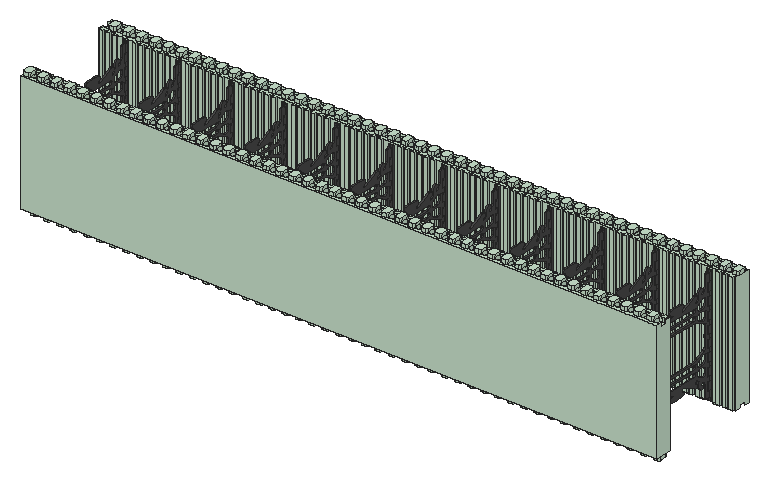
Revit family (continued)
Definition of nested family "12-inch Insert Web"
  Forms (mm)
    Extrusion 2, solid, material "High Density Polystyrene"
      sketch origin (0, 0, 0) x (0, 1, 0) y (0, 0, 1)
        loop
          arc (109.22, 129.762) -> (100.24, 126.042) -> (96.52, 117.062) r 12.7
          line (96.52, 117.062) -> (96.52, 113.82)
          arc (96.52, 113.82) -> (98.504, 107.004) -> (103.837, 102.318) r 12.7
        loop
          line (139.7, 150.209) -> (139.7, 163.588)
          arc (139.7, 163.588) -> (135.287, 171.625) -> (126.138, 172.215) r 9.525
          line (126.138, 172.215) -> (103.837, 161.778)
          arc (103.837, 161.778) -> (98.504, 157.092) -> (96.52, 150.275) r 12.7
          line (96.52, 150.275) -> (96.52, 147.034)
          arc (96.52, 147.034) -> (100.24, 138.054) -> (109.22, 134.334) r 12.7
          line (109.22, 134.334) -> (123.825, 134.334)
          arc (123.825, 134.334) -> (135.05, 138.984) -> (139.7, 150.209) r 15.875
        loop
          arc (83.851, 155.504) -> (80.337, 155.178) -> (76.81, 155.069) r 57.15
          line (76.81, 155.069) -> (0, 155.069) -> (-76.81, 155.069)
          arc (-76.81, 155.069) -> (-80.337, 155.178) -> (-83.851, 155.504) r 57.15
          arc (-83.851, 155.504) -> (-88.429, 151.979) -> (-91.44, 147.048) r 15.855
          line (-91.44, 147.048) -> (-91.44, 143.849)
          arc (-91.44, 143.849) -> (-87.752, 138.012) -> (-81.915, 134.324) r 15.684
          line (-81.915, 134.324) -> (0, 134.324) -> (81.915, 134.324)
          arc (81.915, 134.324) -> (87.752, 138.012) -> (91.44, 143.849) r 15.684
          line (91.44, 143.849) -> (91.44, 147.048)
          arc (91.44, 147.048) -> (88.429, 151.979) -> (83.851, 155.504) r 15.855
        loop
          arc (-103.837, 102.318) -> (-98.504, 107.004) -> (-96.52, 113.82) r 12.7
          line (-96.52, 113.82) -> (-96.52, 117.062)
          arc (-96.52, 117.062) -> (-100.24, 126.042) -> (-109.22, 129.762) r 12.7
          line (-109.22, 129.762) -> (-123.825, 129.762)
          arc (-123.825, 129.762) -> (-135.05, 125.112) -> (-139.7, 113.887) r 15.875
          line (-139.7, 113.887) -> (-139.7, 100.508)
          arc (-139.7, 100.508) -> (-135.287, 92.471) -> (-126.138, 91.881) r 9.525
          line (-126.138, 91.881) -> (-103.837, 102.318)
        loop
          arc (-139.7, 150.209) -> (-135.05, 138.984) -> (-123.825, 134.334) r 15.875
          line (-123.825, 134.334) -> (-109.22, 134.334)
          arc (-109.22, 134.334) -> (-100.24, 138.054) -> (-96.52, 147.034) r 12.7
          line (-96.52, 147.034) -> (-96.52, 150.275)
          arc (-96.52, 150.275) -> (-98.504, 157.092) -> (-103.837, 161.778) r 12.7
          line (-103.837, 161.778) -> (-126.138, 172.215)
          arc (-126.138, 172.215) -> (-135.287, 171.625) -> (-139.7, 163.588) r 9.525
          line (-139.7, 163.588) -> (-139.7, 150.209)
        loop
          line (139.7, 191.688) -> (139.7, 220.666) -> (136.652, 225.746) -> (136.652, 228.6) -> (136.652, 231.454) -> (139.7, 236.534) -> (139.7, 265.512)
          arc (139.7, 265.512) -> (137.716, 272.328) -> (132.383, 277.014) r 12.7
          line (132.383, 277.014) -> (100.425, 291.971)
          arc (100.425, 291.971) -> (88.608, 295.996) -> (76.2, 297.359) r 57.15
          line (76.2, 297.359) -> (0, 297.359) -> (-76.2, 297.359)
          arc (-76.2, 297.359) -> (-88.608, 295.996) -> (-100.425, 291.971) r 57.15
          line (-100.425, 291.971) -> (-132.383, 277.014)
          arc (-132.383, 277.014) -> (-137.716, 272.328) -> (-139.7, 265.512) r 12.7
          line (-139.7, 265.512) -> (-139.7, 236.534) -> (-136.652, 231.454) -> (-136.652, 228.6) -> (-136.652, 225.746) -> (-139.7, 220.666) -> (-139.7, 191.688)
          arc (-139.7, 191.688) -> (-137.716, 184.872) -> (-132.383, 180.186) r 12.7
          line (-132.383, 180.186) -> (-100.425, 165.229)
          arc (-100.425, 165.229) -> (-88.608, 161.204) -> (-76.2, 159.841) r 57.15
          line (-76.2, 159.841) -> (0, 159.841) -> (76.2, 159.841)
          arc (76.2, 159.841) -> (88.608, 161.204) -> (100.425, 165.229) r 57.15
          line (100.425, 165.229) -> (132.383, 180.186)
          arc (132.383, 180.186) -> (137.716, 184.872) -> (139.7, 191.688) r 12.7
        loop
          line (76.789, 348.183) -> (0, 348.183) -> (-76.789, 348.183)
          arc (-76.789, 348.183) -> (-80.328, 348.292) -> (-83.853, 348.621) r 57.15
          arc (-83.853, 348.621) -> (-88.43, 345.096) -> (-91.44, 340.166) r 15.855
          line (-91.44, 340.166) -> (-91.44, 336.966)
          arc (-91.44, 336.966) -> (-87.76, 331.136) -> (-81.935, 327.448) r 15.684
          line (-81.935, 327.448) -> (0, 327.448) -> (81.935, 327.448)
          arc (81.935, 327.448) -> (87.76, 331.136) -> (91.44, 336.966) r 15.684
          line (91.44, 336.966) -> (91.44, 340.166)
          arc (91.44, 340.166) -> (88.43, 345.096) -> (83.853, 348.621) r 15.855
          arc (83.853, 348.621) -> (80.328, 348.292) -> (76.789, 348.183) r 57.15
        loop
          arc (103.837, 354.882) -> (98.504, 350.196) -> (96.52, 343.38) r 12.7
          line (96.52, 343.38) -> (96.52, 340.138)
          arc (96.52, 340.138) -> (100.24, 331.158) -> (109.22, 327.438) r 12.7
          line (109.22, 327.438) -> (123.825, 327.438)
          arc (123.825, 327.438) -> (135.05, 332.088) -> (139.7, 343.313) r 15.875
          line (139.7, 343.313) -> (139.7, 356.692)
          arc (139.7, 356.692) -> (135.287, 364.729) -> (126.138, 365.319) r 9.525
          line (126.138, 365.319) -> (103.837, 354.882)
        loop
          arc (139.7, 306.991) -> (135.05, 318.216) -> (123.825, 322.866) r 15.875
          line (123.825, 322.866) -> (109.22, 322.866)
          arc (109.22, 322.866) -> (100.24, 319.146) -> (96.52, 310.166) r 12.7
          line (96.52, 310.166) -> (96.52, 306.925)
          arc (96.52, 306.925) -> (98.504, 300.108) -> (103.837, 295.422) r 12.7
          line (103.837, 295.422) -> (126.138, 284.985)
          arc (126.138, 284.985) -> (135.287, 285.575) -> (139.7, 293.612) r 9.525
          line (139.7, 293.612) -> (139.7, 306.991)
        loop
          arc (83.851, 301.696) -> (88.429, 305.221) -> (91.44, 310.152) r 15.855
          line (91.44, 310.152) -> (91.44, 313.351)
          arc (91.44, 313.351) -> (87.752, 319.188) -> (81.915, 322.876) r 15.684
          line (81.915, 322.876) -> (0, 322.876) -> (-81.915, 322.876)
          arc (-81.915, 322.876) -> (-87.752, 319.188) -> (-91.44, 313.351) r 15.684
          line (-91.44, 313.351) -> (-91.44, 310.152)
          arc (-91.44, 310.152) -> (-88.429, 305.221) -> (-83.851, 301.696) r 15.855
          arc (-83.851, 301.696) -> (-80.337, 302.022) -> (-76.81, 302.131) r 57.15
          line (-76.81, 302.131) -> (0, 302.131) -> (76.81, 302.131)
          arc (76.81, 302.131) -> (80.337, 302.022) -> (83.851, 301.696) r 57.15
        loop
          line (-103.837, 354.882) -> (-126.138, 365.319)
          arc (-126.138, 365.319) -> (-135.287, 364.729) -> (-139.7, 356.692) r 9.525
          line (-139.7, 356.692) -> (-139.7, 343.313)
          arc (-139.7, 343.313) -> (-135.05, 332.088) -> (-123.825, 327.438) r 15.875
          line (-123.825, 327.438) -> (-109.22, 327.438)
          arc (-109.22, 327.438) -> (-100.24, 331.158) -> (-96.52, 340.138) r 12.7
          line (-96.52, 340.138) -> (-96.52, 343.38)
          arc (-96.52, 343.38) -> (-98.504, 350.196) -> (-103.837, 354.882) r 12.7
        loop
          line (-139.7, 306.991) -> (-139.7, 293.612)
          arc (-139.7, 293.612) -> (-135.287, 285.575) -> (-126.138, 284.985) r 9.525
          line (-126.138, 284.985) -> (-103.837, 295.422)
          arc (-103.837, 295.422) -> (-98.504, 300.108) -> (-96.52, 306.925) r 12.7
          line (-96.52, 306.925) -> (-96.52, 310.166)
          arc (-96.52, 310.166) -> (-100.24, 319.146) -> (-109.22, 322.866) r 12.7
          line (-109.22, 322.866) -> (-123.825, 322.866)
          arc (-123.825, 322.866) -> (-135.05, 318.216) -> (-139.7, 306.991) r 15.875
      from 3.175 to -3.175
    Extrusion 3, solid, material "High Density Polystyrene"
      sketch origin (0, 0, 0) x (0, 1, 0) y (0, 0, 1)
        loop
          line (157.734, 410.919) -> (145.034, 410.919) -> (145.034, 380.439) -> (157.734, 380.439) -> (157.734, 410.919)
        loop
          line (157.734, 361.389) -> (145.034, 361.389) -> (145.034, 330.909) -> (157.734, 330.909) -> (157.734, 361.389)
        loop
          line (157.734, 311.859) -> (145.034, 311.859) -> (145.034, 281.379) -> (157.734, 281.379) -> (157.734, 311.859)
        loop
          line (157.734, 262.329) -> (145.034, 262.329) -> (145.034, 234.897) -> (157.734, 234.897) -> (157.734, 262.329)
        loop
          line (157.734, 215.847) -> (145.034, 215.847) -> (145.034, 188.415) -> (157.734, 188.415) -> (157.734, 215.847)
        loop
          line (157.734, 169.365) -> (145.034, 169.365) -> (145.034, 138.885) -> (157.734, 138.885) -> (157.734, 169.365)
        loop
          line (157.734, 119.835) -> (145.034, 119.835) -> (145.034, 89.355) -> (157.734, 89.355) -> (157.734, 119.835)
        loop
          line (157.734, 70.305) -> (145.034, 70.305) -> (145.034, 39.825) -> (157.734, 39.825) -> (157.734, 70.305)
        loop
          line (-157.734, 410.919) -> (-157.734, 380.439) -> (-145.034, 380.439) -> (-145.034, 410.919) -> (-157.734, 410.919)
        loop
          line (-157.734, 361.389) -> (-157.734, 330.909) -> (-145.034, 330.909) -> (-145.034, 361.389) -> (-157.734, 361.389)
        loop
          line (-157.734, 311.859) -> (-157.734, 281.379) -> (-145.034, 281.379) -> (-145.034, 311.859) -> (-157.734, 311.859)
        loop
          line (-157.734, 262.329) -> (-157.734, 234.897) -> (-145.034, 234.897) -> (-145.034, 262.329) -> (-157.734, 262.329)
        loop
          line (-157.734, 215.847) -> (-157.734, 188.415) -> (-145.034, 188.415) -> (-145.034, 215.847) -> (-157.734, 215.847)
        loop
          line (-157.734, 169.365) -> (-157.734, 138.885) -> (-145.034, 138.885) -> (-145.034, 169.365) -> (-157.734, 169.365)
        loop
          line (-157.734, 119.835) -> (-157.734, 89.355) -> (-145.034, 89.355) -> (-145.034, 119.835) -> (-157.734, 119.835)
        loop
          line (-157.734, 70.305) -> (-157.734, 39.825) -> (-145.034, 39.825) -> (-145.034, 70.305) -> (-157.734, 70.305)
      from 6.35 to -6.35
    Extrusion 4, void
      sketch origin (0, 76.2, 0) x (1, 0, 0) y (0, 1, 0)
        loop
          line (-6.35, 70.929) -> (-6.35, 68.834) -> (-4.255, 68.834)
          arc (-4.255, 68.834) -> (-5.736, 69.448) -> (-6.35, 70.929) r 2.095
      from 0 to 457.2
    Extrusion 5, void
      sketch origin (0, 76.2, 0) x (-1, 0, 0) y (0, -1, 0)
        loop
          arc (-6.35, -70.929) -> (-5.736, -69.448) -> (-4.255, -68.834) r 2.095
          line (-4.255, -68.834) -> (-6.35, -68.834) -> (-6.35, -70.929)
      from 0 to 457.2
    Extrusion 6, void
      sketch origin (0, -76.2, 0) x (1, 0, 0) y (0, 1, 0)
        loop
          arc (-6.35, -70.929) -> (-5.736, -69.448) -> (-4.255, -68.834) r 2.095
          line (-4.255, -68.834) -> (-6.35, -68.834) -> (-6.35, -70.929)
      from 0 to 457.2
    Extrusion 7, void
      sketch origin (0, -76.2, 0) x (-1, 0, 0) y (0, -1, 0)
        loop
          line (-6.35, 70.929) -> (-6.35, 68.834) -> (-4.255, 68.834)
          arc (-4.255, 68.834) -> (-5.736, 69.448) -> (-6.35, 70.929) r 2.095
      from 0 to 457.2
  Cuts and joins
    Extrusion 4, Extrusion 5, Extrusion 6, Extrusion 7 cuts Extrusion 1
    Extrusion 4, Extrusion 5, Extrusion 6, Extrusion 7 cuts Extrusion 3
Definition of nested family "NUDURA Diamond Pattern"
  Reference planes
    plane 1 "Center (Front/Back)": y = 0
    plane 2: z = 0
    plane 3 "Center (Left/Right)": x = 0
    plane 4: z = 457.2
  Lines and regions (mm)
    model lines
      curve 1: line (203.2, -142.875, 457.2) -> (203.2, -142.875, 0)
      curve 2: line (152.4, -142.875, 457.2) -> (152.4, -142.875, 0)
      curve 3: line (50.8, -142.875, 457.2) -> (50.8, -142.875, 0)
      curve 4: line (85.183, -142.875, 431.415) -> (93.906, -142.875, 422.692)
      curve 5: arc (85.183, -142.875, 444.885) -> (82.394, -142.875, 438.15) -> (85.183, -142.875, 431.415) r 9.525
      curve 6: line (94.708, -142.875, 454.41) -> (85.183, -142.875, 444.885)
      curve 7: arc (108.179, -142.875, 454.41) -> (101.444, -142.875, 457.2) -> (94.708, -142.875, 454.41) r 9.525
      curve 8: line (117.704, -142.875, 444.885) -> (108.179, -142.875, 454.41)
      curve 9: arc (117.704, -142.875, 431.415) -> (120.494, -142.875, 438.15) -> (117.704, -142.875, 444.885) r 9.525
      curve 10: line (108.981, -142.875, 422.692) -> (117.704, -142.875, 431.415)
      curve 11: arc (105.934, -142.875, 452.165) -> (101.444, -142.875, 454.025) -> (96.953, -142.875, 452.165) r 6.35
      curve 12: line (115.459, -142.875, 442.64) -> (105.934, -142.875, 452.165)
      curve 13: arc (115.459, -142.875, 433.66) -> (117.319, -142.875, 438.15) -> (115.459, -142.875, 442.64) r 6.35
      curve 14: line (105.934, -142.875, 424.135) -> (115.459, -142.875, 433.66)
      curve 15: arc (96.953, -142.875, 424.135) -> (101.444, -142.875, 422.275) -> (105.934, -142.875, 424.135) r 6.35
      curve 16: line (87.428, -142.875, 433.66) -> (96.953, -142.875, 424.135)
      curve 17: arc (87.428, -142.875, 442.64) -> (85.569, -142.875, 438.15) -> (87.428, -142.875, 433.66) r 6.35
      curve 18: line (96.953, -142.875, 452.165) -> (87.428, -142.875, 442.64)
      curve 19: arc (93.906, -142.875, 415.508) -> (95.394, -142.875, 419.1) -> (93.906, -142.875, 422.692) r 5.08
      curve 20: line (117.704, -142.875, 406.785) -> (108.981, -142.875, 415.508)
      curve 21: arc (117.704, -142.875, 393.315) -> (120.494, -142.875, 400.05) -> (117.704, -142.875, 406.785) r 9.525
      curve 22: line (108.981, -142.875, 384.592) -> (117.704, -142.875, 393.315)
      curve 23: line (85.183, -142.875, 393.315) -> (93.906, -142.875, 384.592)
      curve 24: arc (85.183, -142.875, 406.785) -> (82.394, -142.875, 400.05) -> (85.183, -142.875, 393.315) r 9.525
      curve 25: line (93.906, -142.875, 415.508) -> (85.183, -142.875, 406.785)
      curve 26: arc (105.934, -142.875, 414.065) -> (101.444, -142.875, 415.925) -> (96.953, -142.875, 414.065) r 6.35
      curve 27: line (96.953, -142.875, 414.065) -> (87.428, -142.875, 404.54)
      curve 28: arc (87.428, -142.875, 404.54) -> (85.569, -142.875, 400.05) -> (87.428, -142.875, 395.56) r 6.35
      curve 29: line (87.428, -142.875, 395.56) -> (96.953, -142.875, 386.035)
      curve 30: arc (96.953, -142.875, 386.035) -> (101.444, -142.875, 384.175) -> (105.934, -142.875, 386.035) r 6.35
      curve 31: line (105.934, -142.875, 386.035) -> (115.459, -142.875, 395.56)
      curve 32: arc (115.459, -142.875, 395.56) -> (117.319, -142.875, 400.05) -> (115.459, -142.875, 404.54) r 6.35
      curve 33: line (115.459, -142.875, 404.54) -> (105.934, -142.875, 414.065)
      curve 34: arc (93.906, -142.875, 377.408) -> (95.394, -142.875, 381) -> (93.906, -142.875, 384.592) r 5.08
      curve 35: line (117.704, -142.875, 368.685) -> (108.981, -142.875, 377.408)
      curve 36: arc (117.704, -142.875, 355.215) -> (120.494, -142.875, 361.95) -> (117.704, -142.875, 368.685) r 9.525
      curve 37: line (108.981, -142.875, 346.492) -> (117.704, -142.875, 355.215)
      curve 38: line (85.183, -142.875, 355.215) -> (93.906, -142.875, 346.492)
      curve 39: arc (85.183, -142.875, 368.685) -> (82.394, -142.875, 361.95) -> (85.183, -142.875, 355.215) r 9.525
      curve 40: line (93.906, -142.875, 377.408) -> (85.183, -142.875, 368.685)
      curve 41: arc (105.934, -142.875, 375.965) -> (101.444, -142.875, 377.825) -> (96.953, -142.875, 375.965) r 6.35
      curve 42: line (96.953, -142.875, 375.965) -> (87.428, -142.875, 366.44)
      curve 43: arc (87.428, -142.875, 366.44) -> (85.569, -142.875, 361.95) -> (87.428, -142.875, 357.46) r 6.35
      curve 44: line (87.428, -142.875, 357.46) -> (96.953, -142.875, 347.935)
      curve 45: arc (96.953, -142.875, 347.935) -> (101.444, -142.875, 346.075) -> (105.934, -142.875, 347.935) r 6.35
      curve 46: line (105.934, -142.875, 347.935) -> (115.459, -142.875, 357.46)
      curve 47: arc (115.459, -142.875, 357.46) -> (117.319, -142.875, 361.95) -> (115.459, -142.875, 366.44) r 6.35
      curve 48: line (115.459, -142.875, 366.44) -> (105.934, -142.875, 375.965)
      curve 49: arc (93.906, -142.875, 339.308) -> (95.394, -142.875, 342.9) -> (93.906, -142.875, 346.492) r 5.08
      curve 50: line (117.704, -142.875, 330.585) -> (108.981, -142.875, 339.308)
      curve 51: arc (117.704, -142.875, 317.115) -> (120.494, -142.875, 323.85) -> (117.704, -142.875, 330.585) r 9.525
      curve 52: line (108.981, -142.875, 308.392) -> (117.704, -142.875, 317.115)
      curve 53: line (85.183, -142.875, 317.115) -> (93.906, -142.875, 308.392)
      curve 54: arc (85.183, -142.875, 330.585) -> (82.394, -142.875, 323.85) -> (85.183, -142.875, 317.115) r 9.525
      curve 55: line (93.906, -142.875, 339.308) -> (85.183, -142.875, 330.585)
      curve 56: arc (105.934, -142.875, 337.865) -> (101.444, -142.875, 339.725) -> (96.953, -142.875, 337.865) r 6.35
      curve 57: line (96.953, -142.875, 337.865) -> (87.428, -142.875, 328.34)
      curve 58: arc (87.428, -142.875, 328.34) -> (85.569, -142.875, 323.85) -> (87.428, -142.875, 319.36) r 6.35
      curve 59: line (87.428, -142.875, 319.36) -> (96.953, -142.875, 309.835)
      curve 60: arc (96.953, -142.875, 309.835) -> (101.444, -142.875, 307.975) -> (105.934, -142.875, 309.835) r 6.35
      curve 61: line (105.934, -142.875, 309.835) -> (115.459, -142.875, 319.36)
      curve 62: arc (115.459, -142.875, 319.36) -> (117.319, -142.875, 323.85) -> (115.459, -142.875, 328.34) r 6.35
      curve 63: line (115.459, -142.875, 328.34) -> (105.934, -142.875, 337.865)
      curve 64: arc (93.906, -142.875, 301.208) -> (95.394, -142.875, 304.8) -> (93.906, -142.875, 308.392) r 5.08
      curve 65: line (117.704, -142.875, 292.485) -> (108.981, -142.875, 301.208)
      curve 66: arc (117.704, -142.875, 279.015) -> (120.494, -142.875, 285.75) -> (117.704, -142.875, 292.485) r 9.525
      curve 67: line (108.981, -142.875, 270.292) -> (117.704, -142.875, 279.015)
      curve 68: line (85.183, -142.875, 279.015) -> (93.906, -142.875, 270.292)
      curve 69: arc (85.183, -142.875, 292.485) -> (82.394, -142.875, 285.75) -> (85.183, -142.875, 279.015) r 9.525
      curve 70: line (93.906, -142.875, 301.208) -> (85.183, -142.875, 292.485)
      curve 71: arc (105.934, -142.875, 299.765) -> (101.444, -142.875, 301.625) -> (96.953, -142.875, 299.765) r 6.35
      curve 72: line (96.953, -142.875, 299.765) -> (87.428, -142.875, 290.24)
      curve 73: arc (87.428, -142.875, 290.24) -> (85.569, -142.875, 285.75) -> (87.428, -142.875, 281.26) r 6.35
      curve 74: line (87.428, -142.875, 281.26) -> (96.953, -142.875, 271.735)
      curve 75: arc (96.953, -142.875, 271.735) -> (101.444, -142.875, 269.875) -> (105.934, -142.875, 271.735) r 6.35
      curve 76: line (105.934, -142.875, 271.735) -> (115.459, -142.875, 281.26)
      curve 77: arc (115.459, -142.875, 281.26) -> (117.319, -142.875, 285.75) -> (115.459, -142.875, 290.24) r 6.35
      curve 78: line (115.459, -142.875, 290.24) -> (105.934, -142.875, 299.765)
      curve 79: arc (93.906, -142.875, 263.108) -> (95.394, -142.875, 266.7) -> (93.906, -142.875, 270.292) r 5.08
      curve 80: line (117.704, -142.875, 254.385) -> (108.981, -142.875, 263.108)
      curve 81: arc (117.704, -142.875, 240.915) -> (120.494, -142.875, 247.65) -> (117.704, -142.875, 254.385) r 9.525
      curve 82: line (108.981, -142.875, 232.192) -> (117.704, -142.875, 240.915)
      curve 83: line (85.183, -142.875, 240.915) -> (93.906, -142.875, 232.192)
      curve 84: arc (85.183, -142.875, 254.385) -> (82.394, -142.875, 247.65) -> (85.183, -142.875, 240.915) r 9.525
      curve 85: line (93.906, -142.875, 263.108) -> (85.183, -142.875, 254.385)
      curve 86: arc (105.934, -142.875, 261.665) -> (101.444, -142.875, 263.525) -> (96.953, -142.875, 261.665) r 6.35
      curve 87: line (96.953, -142.875, 261.665) -> (87.428, -142.875, 252.14)
      curve 88: arc (87.428, -142.875, 252.14) -> (85.569, -142.875, 247.65) -> (87.428, -142.875, 243.16) r 6.35
      curve 89: line (87.428, -142.875, 243.16) -> (96.953, -142.875, 233.635)
      curve 90: arc (96.953, -142.875, 233.635) -> (101.444, -142.875, 231.775) -> (105.934, -142.875, 233.635) r 6.35
      curve 91: line (105.934, -142.875, 233.635) -> (115.459, -142.875, 243.16)
      curve 92: arc (115.459, -142.875, 243.16) -> (117.319, -142.875, 247.65) -> (115.459, -142.875, 252.14) r 6.35
      curve 93: line (115.459, -142.875, 252.14) -> (105.934, -142.875, 261.665)
      curve 94: arc (93.906, -142.875, 225.008) -> (95.394, -142.875, 228.6) -> (93.906, -142.875, 232.192) r 5.08
      curve 95: line (117.704, -142.875, 216.285) -> (108.981, -142.875, 225.008)
      curve 96: arc (117.704, -142.875, 202.815) -> (120.494, -142.875, 209.55) -> (117.704, -142.875, 216.285) r 9.525
      curve 97: line (108.981, -142.875, 194.092) -> (117.704, -142.875, 202.815)
      curve 98: line (85.183, -142.875, 202.815) -> (93.906, -142.875, 194.092)
      curve 99: arc (85.183, -142.875, 216.285) -> (82.394, -142.875, 209.55) -> (85.183, -142.875, 202.815) r 9.525
      curve 100: line (93.906, -142.875, 225.008) -> (85.183, -142.875, 216.285)
      curve 101: arc (105.934, -142.875, 223.565) -> (101.444, -142.875, 225.425) -> (96.953, -142.875, 223.565) r 6.35
      curve 102: line (96.953, -142.875, 223.565) -> (87.428, -142.875, 214.04)
      curve 103: arc (87.428, -142.875, 214.04) -> (85.569, -142.875, 209.55) -> (87.428, -142.875, 205.06) r 6.35
      curve 104: line (87.428, -142.875, 205.06) -> (96.953, -142.875, 195.535)
      curve 105: arc (96.953, -142.875, 195.535) -> (101.444, -142.875, 193.675) -> (105.934, -142.875, 195.535) r 6.35
      curve 106: line (105.934, -142.875, 195.535) -> (115.459, -142.875, 205.06)
      curve 107: arc (115.459, -142.875, 205.06) -> (117.319, -142.875, 209.55) -> (115.459, -142.875, 214.04) r 6.35
      curve 108: line (115.459, -142.875, 214.04) -> (105.934, -142.875, 223.565)
      curve 109: arc (93.906, -142.875, 186.908) -> (95.394, -142.875, 190.5) -> (93.906, -142.875, 194.092) r 5.08
      curve 110: line (117.704, -142.875, 178.185) -> (108.981, -142.875, 186.908)
      curve 111: arc (117.704, -142.875, 164.715) -> (120.494, -142.875, 171.45) -> (117.704, -142.875, 178.185) r 9.525
      curve 112: line (108.981, -142.875, 155.992) -> (117.704, -142.875, 164.715)
      curve 113: line (85.183, -142.875, 164.715) -> (93.906, -142.875, 155.992)
      curve 114: arc (85.183, -142.875, 178.185) -> (82.394, -142.875, 171.45) -> (85.183, -142.875, 164.715) r 9.525
      curve 115: line (93.906, -142.875, 186.908) -> (85.183, -142.875, 178.185)
      curve 116: arc (105.934, -142.875, 185.465) -> (101.444, -142.875, 187.325) -> (96.953, -142.875, 185.465) r 6.35
      curve 117: line (96.953, -142.875, 185.465) -> (87.428, -142.875, 175.94)
      curve 118: arc (87.428, -142.875, 175.94) -> (85.569, -142.875, 171.45) -> (87.428, -142.875, 166.96) r 6.35
      curve 119: line (87.428, -142.875, 166.96) -> (96.953, -142.875, 157.435)
      curve 120: arc (96.953, -142.875, 157.435) -> (101.444, -142.875, 155.575) -> (105.934, -142.875, 157.435) r 6.35
      curve 121: line (105.934, -142.875, 157.435) -> (115.459, -142.875, 166.96)
      curve 122: arc (115.459, -142.875, 166.96) -> (117.319, -142.875, 171.45) -> (115.459, -142.875, 175.94) r 6.35
      curve 123: line (115.459, -142.875, 175.94) -> (105.934, -142.875, 185.465)
      curve 124: arc (93.906, -142.875, 148.808) -> (95.394, -142.875, 152.4) -> (93.906, -142.875, 155.992) r 5.08
      curve 125: line (117.704, -142.875, 140.085) -> (108.981, -142.875, 148.808)
      curve 126: arc (117.704, -142.875, 126.615) -> (120.494, -142.875, 133.35) -> (117.704, -142.875, 140.085) r 9.525
      curve 127: line (108.981, -142.875, 117.892) -> (117.704, -142.875, 126.615)
      curve 128: line (85.183, -142.875, 126.615) -> (93.906, -142.875, 117.892)
      curve 129: arc (85.183, -142.875, 140.085) -> (82.394, -142.875, 133.35) -> (85.183, -142.875, 126.615) r 9.525
      curve 130: line (93.906, -142.875, 148.808) -> (85.183, -142.875, 140.085)
      curve 131: arc (105.934, -142.875, 147.365) -> (101.444, -142.875, 149.225) -> (96.953, -142.875, 147.365) r 6.35
      curve 132: line (96.953, -142.875, 147.365) -> (87.428, -142.875, 137.84)
      curve 133: arc (87.428, -142.875, 137.84) -> (85.569, -142.875, 133.35) -> (87.428, -142.875, 128.86) r 6.35
      curve 134: line (87.428, -142.875, 128.86) -> (96.953, -142.875, 119.335)
      curve 135: arc (96.953, -142.875, 119.335) -> (101.444, -142.875, 117.475) -> (105.934, -142.875, 119.335) r 6.35
      curve 136: line (105.934, -142.875, 119.335) -> (115.459, -142.875, 128.86)
      curve 137: arc (115.459, -142.875, 128.86) -> (117.319, -142.875, 133.35) -> (115.459, -142.875, 137.84) r 6.35
      curve 138: line (115.459, -142.875, 137.84) -> (105.934, -142.875, 147.365)
      curve 139: arc (93.906, -142.875, 110.708) -> (95.394, -142.875, 114.3) -> (93.906, -142.875, 117.892) r 5.08
      curve 140: line (117.704, -142.875, 101.985) -> (108.981, -142.875, 110.708)
      curve 141: arc (117.704, -142.875, 88.515) -> (120.494, -142.875, 95.25) -> (117.704, -142.875, 101.985) r 9.525
      curve 142: line (108.981, -142.875, 79.792) -> (117.704, -142.875, 88.515)
      curve 143: line (85.183, -142.875, 88.515) -> (93.906, -142.875, 79.792)
      curve 144: arc (85.183, -142.875, 101.985) -> (82.394, -142.875, 95.25) -> (85.183, -142.875, 88.515) r 9.525
      curve 145: line (93.906, -142.875, 110.708) -> (85.183, -142.875, 101.985)
      curve 146: arc (105.934, -142.875, 109.265) -> (101.444, -142.875, 111.125) -> (96.953, -142.875, 109.265) r 6.35
      curve 147: line (96.953, -142.875, 109.265) -> (87.428, -142.875, 99.74)
      curve 148: arc (87.428, -142.875, 99.74) -> (85.569, -142.875, 95.25) -> (87.428, -142.875, 90.76) r 6.35
      curve 149: line (87.428, -142.875, 90.76) -> (96.953, -142.875, 81.235)
      curve 150: arc (96.953, -142.875, 81.235) -> (101.444, -142.875, 79.375) -> (105.934, -142.875, 81.235) r 6.35
      curve 151: line (105.934, -142.875, 81.235) -> (115.459, -142.875, 90.76)
      curve 152: arc (115.459, -142.875, 90.76) -> (117.319, -142.875, 95.25) -> (115.459, -142.875, 99.74) r 6.35
      curve 153: line (115.459, -142.875, 99.74) -> (105.934, -142.875, 109.265)
      curve 154: arc (93.906, -142.875, 72.608) -> (95.394, -142.875, 76.2) -> (93.906, -142.875, 79.792) r 5.08
      curve 155: line (117.704, -142.875, 63.885) -> (108.981, -142.875, 72.608)
      curve 156: arc (117.704, -142.875, 50.415) -> (120.494, -142.875, 57.15) -> (117.704, -142.875, 63.885) r 9.525
      curve 157: line (108.981, -142.875, 41.692) -> (117.704, -142.875, 50.415)
      curve 158: line (85.183, -142.875, 50.415) -> (93.906, -142.875, 41.692)
      curve 159: arc (85.183, -142.875, 63.885) -> (82.394, -142.875, 57.15) -> (85.183, -142.875, 50.415) r 9.525
      curve 160: line (93.906, -142.875, 72.608) -> (85.183, -142.875, 63.885)
      curve 161: arc (105.934, -142.875, 71.165) -> (101.444, -142.875, 73.025) -> (96.953, -142.875, 71.165) r 6.35
      curve 162: line (96.953, -142.875, 71.165) -> (87.428, -142.875, 61.64)
      curve 163: arc (87.428, -142.875, 61.64) -> (85.569, -142.875, 57.15) -> (87.428, -142.875, 52.66) r 6.35
      curve 164: line (87.428, -142.875, 52.66) -> (96.953, -142.875, 43.135)
      curve 165: arc (96.953, -142.875, 43.135) -> (101.444, -142.875, 41.275) -> (105.934, -142.875, 43.135) r 6.35
      curve 166: line (105.934, -142.875, 43.135) -> (115.459, -142.875, 52.66)
      curve 167: arc (115.459, -142.875, 52.66) -> (117.319, -142.875, 57.15) -> (115.459, -142.875, 61.64) r 6.35
      curve 168: line (115.459, -142.875, 61.64) -> (105.934, -142.875, 71.165)
      curve 169: arc (93.906, -142.875, 34.508) -> (95.394, -142.875, 38.1) -> (93.906, -142.875, 41.692) r 5.08
      curve 170: line (93.906, -142.875, 34.508) -> (85.183, -142.875, 25.785)
      curve 171: arc (85.183, -142.875, 25.785) -> (82.394, -142.875, 19.05) -> (85.183, -142.875, 12.315) r 9.525
      curve 172: line (85.183, -142.875, 12.315) -> (94.708, -142.875, 2.79)
      curve 173: arc (94.708, -142.875, 2.79) -> (101.444, -142.875, 0) -> (108.179, -142.875, 2.79) r 9.525
      curve 174: line (108.179, -142.875, 2.79) -> (117.704, -142.875, 12.315)
      curve 175: arc (117.704, -142.875, 12.315) -> (120.494, -142.875, 19.05) -> (117.704, -142.875, 25.785) r 9.525
      curve 176: line (117.704, -142.875, 25.785) -> (108.981, -142.875, 34.508)
      curve 177: arc (108.981, -142.875, 41.692) -> (107.493, -142.875, 38.1) -> (108.981, -142.875, 34.508) r 5.08
      curve 178: arc (105.934, -142.875, 33.065) -> (101.444, -142.875, 34.925) -> (96.953, -142.875, 33.065) r 6.35
      curve 179: line (115.459, -142.875, 23.54) -> (105.934, -142.875, 33.065)
      curve 180: arc (115.459, -142.875, 14.56) -> (117.319, -142.875, 19.05) -> (115.459, -142.875, 23.54) r 6.35
      curve 181: line (105.934, -142.875, 5.035) -> (115.459, -142.875, 14.56)
      curve 182: arc (96.953, -142.875, 5.035) -> (101.444, -142.875, 3.175) -> (105.934, -142.875, 5.035) r 6.35
      curve 183: line (87.428, -142.875, 14.56) -> (96.953, -142.875, 5.035)
      curve 184: arc (87.428, -142.875, 23.54) -> (85.569, -142.875, 19.05) -> (87.428, -142.875, 14.56) r 6.35
      curve 185: line (96.953, -142.875, 33.065) -> (87.428, -142.875, 23.54)
      curve 186: arc (108.981, -142.875, 79.792) -> (107.493, -142.875, 76.2) -> (108.981, -142.875, 72.608) r 5.08
      curve 187: arc (108.981, -142.875, 117.892) -> (107.493, -142.875, 114.3) -> (108.981, -142.875, 110.708) r 5.08
      curve 188: arc (108.981, -142.875, 155.992) -> (107.493, -142.875, 152.4) -> (108.981, -142.875, 148.808) r 5.08
      curve 189: arc (108.981, -142.875, 194.092) -> (107.493, -142.875, 190.5) -> (108.981, -142.875, 186.908) r 5.08
      curve 190: arc (108.981, -142.875, 232.192) -> (107.493, -142.875, 228.6) -> (108.981, -142.875, 225.008) r 5.08
      curve 191: arc (108.981, -142.875, 270.292) -> (107.493, -142.875, 266.7) -> (108.981, -142.875, 263.108) r 5.08
      curve 192: arc (108.981, -142.875, 308.392) -> (107.493, -142.875, 304.8) -> (108.981, -142.875, 301.208) r 5.08
      curve 193: arc (108.981, -142.875, 346.492) -> (107.493, -142.875, 342.9) -> (108.981, -142.875, 339.308) r 5.08
      curve 194: arc (108.981, -142.875, 384.592) -> (107.493, -142.875, 381) -> (108.981, -142.875, 377.408) r 5.08
      curve 195: arc (108.981, -142.875, 422.692) -> (107.493, -142.875, 419.1) -> (108.981, -142.875, 415.508) r 5.08
Definition of nested family "NUDURA Logo Diamond"
  Reference planes
    plane 1 "Center (Front/Back)": y = 0
    plane 2: z = 0
    plane 3 "Center (Left/Right)": x = 0
  Lines and regions (mm)
    model lines
      curve 1: line (320.001, 0, 444.526) -> (311.021, 0, 453.507)
      curve 2: line (313.973, 0, 425.925) -> (320.001, 0, 431.954)
      curve 3: line (320.001, 0, 406.426) -> (313.973, 0, 412.455)
      curve 4: line (313.973, 0, 387.825) -> (320.001, 0, 393.854)
      curve 5: line (320.001, 0, 368.326) -> (313.973, 0, 374.355)
      curve 6: line (313.973, 0, 349.725) -> (320.001, 0, 355.754)
      curve 7: line (309.225, 0, 337.411) -> (322.887, 0, 323.749)
      curve 8: line (322.887, 0, 323.749) -> (324.683, 0, 325.545)
      curve 9: line (286.583, 0, 323.749) -> (300.245, 0, 337.411)
      curve 10: line (295.497, 0, 336.255) -> (284.787, 0, 325.545)
      curve 11: line (289.468, 0, 355.754) -> (295.497, 0, 349.725)
      curve 12: line (295.497, 0, 374.355) -> (289.468, 0, 368.326)
      curve 13: line (289.468, 0, 393.854) -> (295.497, 0, 387.825)
      curve 14: line (295.497, 0, 412.455) -> (289.468, 0, 406.426)
      curve 15: line (289.468, 0, 431.954) -> (295.497, 0, 425.925)
      curve 16: line (298.449, 0, 453.507) -> (289.468, 0, 444.526)
      curve 17: line (300.245, 0, 451.711) -> (291.265, 0, 442.73)
      curve 18: line (318.205, 0, 442.73) -> (309.225, 0, 451.711)
      curve 19: line (309.225, 0, 424.77) -> (318.205, 0, 433.75)
      curve 20: line (291.265, 0, 433.75) -> (300.245, 0, 424.77)
      curve 21: arc (289.468, 0, 444.526) -> (286.865, 0, 438.24) -> (289.468, 0, 431.954) r 8.89
      curve 22: arc (298.449, 0, 453.507) -> (304.735, 0, 456.111) -> (311.021, 0, 453.507) r 8.89
      curve 23: arc (291.265, 0, 442.73) -> (289.405, 0, 438.24) -> (291.265, 0, 433.75) r 6.35
      curve 24: arc (318.205, 0, 442.73) -> (320.065, 0, 438.24) -> (318.205, 0, 433.75) r 6.35
      curve 25: arc (309.225, 0, 424.77) -> (304.735, 0, 422.91) -> (300.245, 0, 424.77) r 6.35
      curve 26: arc (300.245, 0, 451.711) -> (304.735, 0, 453.571) -> (309.225, 0, 451.711) r 6.35
      curve 27: arc (320.001, 0, 444.526) -> (322.605, 0, 438.24) -> (320.001, 0, 431.954) r 8.89
      curve 28: arc (295.497, 0, 425.925) -> (298.287, 0, 419.19) -> (295.497, 0, 412.455) r 9.525
      curve 29: arc (313.973, 0, 425.925) -> (311.183, 0, 419.19) -> (313.973, 0, 412.455) r 9.525
      curve 30: line (313.973, 0, 387.825) -> (320.001, 0, 393.854)
      curve 31: line (289.468, 0, 393.854) -> (295.497, 0, 387.825)
      curve 32: line (300.245, 0, 413.611) -> (291.265, 0, 404.63)
      curve 33: line (318.205, 0, 404.63) -> (309.225, 0, 413.611)
      curve 34: line (309.225, 0, 386.67) -> (318.205, 0, 395.65)
      curve 35: line (291.265, 0, 395.65) -> (300.245, 0, 386.67)
      curve 36: arc (289.468, 0, 406.426) -> (286.865, 0, 400.14) -> (289.468, 0, 393.854) r 8.89
      curve 37: arc (291.265, 0, 404.63) -> (289.405, 0, 400.14) -> (291.265, 0, 395.65) r 6.35
      curve 38: arc (318.205, 0, 404.63) -> (320.065, 0, 400.14) -> (318.205, 0, 395.65) r 6.35
      curve 39: arc (309.225, 0, 386.67) -> (304.735, 0, 384.81) -> (300.245, 0, 386.67) r 6.35
      curve 40: arc (300.245, 0, 413.611) -> (304.735, 0, 415.471) -> (309.225, 0, 413.611) r 6.35
      curve 41: arc (320.001, 0, 406.426) -> (322.605, 0, 400.14) -> (320.001, 0, 393.854) r 8.89
      curve 42: line (295.497, 0, 412.455) -> (289.468, 0, 406.426)
      curve 43: line (320.001, 0, 406.426) -> (313.973, 0, 412.455)
      curve 44: arc (295.497, 0, 387.825) -> (298.287, 0, 381.09) -> (295.497, 0, 374.355) r 9.525
      curve 45: arc (313.973, 0, 387.825) -> (311.183, 0, 381.09) -> (313.973, 0, 374.355) r 9.525
      curve 46: line (313.973, 0, 349.725) -> (320.001, 0, 355.754)
      curve 47: line (289.468, 0, 355.754) -> (295.497, 0, 349.725)
      curve 48: line (300.245, 0, 375.511) -> (291.265, 0, 366.53)
      curve 49: line (318.205, 0, 366.53) -> (309.225, 0, 375.511)
      curve 50: line (309.225, 0, 348.57) -> (318.205, 0, 357.55)
      curve 51: line (291.265, 0, 357.55) -> (300.245, 0, 348.57)
      curve 52: arc (289.468, 0, 368.326) -> (286.865, 0, 362.04) -> (289.468, 0, 355.754) r 8.89
      curve 53: arc (291.265, 0, 366.53) -> (289.405, 0, 362.04) -> (291.265, 0, 357.55) r 6.35
      curve 54: arc (318.205, 0, 366.53) -> (320.065, 0, 362.04) -> (318.205, 0, 357.55) r 6.35
      curve 55: arc (309.225, 0, 348.57) -> (304.735, 0, 346.71) -> (300.245, 0, 348.57) r 6.35
      curve 56: arc (300.245, 0, 375.511) -> (304.735, 0, 377.371) -> (309.225, 0, 375.511) r 6.35
      curve 57: arc (320.001, 0, 368.326) -> (322.605, 0, 362.04) -> (320.001, 0, 355.754) r 8.89
      curve 58: line (295.497, 0, 374.355) -> (289.468, 0, 368.326)
      curve 59: arc (295.497, 0, 349.725) -> (298.287, 0, 342.99) -> (295.497, 0, 336.255) r 9.525
      curve 60: arc (313.973, 0, 349.725) -> (311.183, 0, 342.99) -> (313.973, 0, 336.255) r 9.525
      curve 61: line (324.683, 0, 325.545) -> (313.973, 0, 336.255)
      curve 62: line (284.787, 0, 325.545) -> (286.583, 0, 323.749)
      curve 63: arc (300.245, 0, 337.411) -> (304.735, 0, 339.271) -> (309.225, 0, 337.411) r 6.35
      curve 64: line (320.001, 0, 12.854) -> (311.021, 0, 3.874)
      curve 65: line (313.973, 0, 31.455) -> (320.001, 0, 25.426)
      curve 66: line (320.001, 0, 50.954) -> (313.973, 0, 44.925)
      curve 67: line (313.973, 0, 69.555) -> (320.001, 0, 63.526)
      curve 68: line (320.001, 0, 89.054) -> (313.973, 0, 83.025)
      curve 69: line (313.973, 0, 107.655) -> (320.001, 0, 101.626)
      curve 70: line (309.225, 0, 119.97) -> (322.887, 0, 133.632)
      curve 71: line (322.887, 0, 133.632) -> (324.683, 0, 131.836)
      curve 72: line (286.583, 0, 133.632) -> (300.245, 0, 119.97)
      curve 73: line (295.497, 0, 121.125) -> (284.787, 0, 131.836)
      curve 74: line (289.468, 0, 101.626) -> (295.497, 0, 107.655)
      curve 75: line (295.497, 0, 83.025) -> (289.468, 0, 89.054)
      curve 76: line (289.468, 0, 63.526) -> (295.497, 0, 69.555)
      curve 77: line (295.497, 0, 44.925) -> (289.468, 0, 50.954)
      curve 78: line (289.468, 0, 25.426) -> (295.497, 0, 31.455)
      curve 79: line (298.449, 0, 3.874) -> (289.468, 0, 12.854)
      curve 80: line (300.245, 0, 5.67) -> (291.265, 0, 14.65)
      curve 81: line (318.205, 0, 14.65) -> (309.225, 0, 5.67)
      curve 82: line (309.225, 0, 32.611) -> (318.205, 0, 23.63)
      curve 83: line (291.265, 0, 23.63) -> (300.245, 0, 32.611)
      curve 84: arc (289.468, 0, 12.854) -> (286.865, 0, 19.14) -> (289.468, 0, 25.426) r 8.89
      curve 85: arc (298.449, 0, 3.874) -> (304.735, 0, 1.27) -> (311.021, 0, 3.874) r 8.89
      curve 86: arc (291.265, 0, 14.65) -> (289.405, 0, 19.14) -> (291.265, 0, 23.63) r 6.35
      curve 87: arc (318.205, 0, 14.65) -> (320.065, 0, 19.14) -> (318.205, 0, 23.63) r 6.35
      curve 88: arc (309.225, 0, 32.611) -> (304.735, 0, 34.471) -> (300.245, 0, 32.611) r 6.35
      curve 89: arc (300.245, 0, 5.67) -> (304.735, 0, 3.81) -> (309.225, 0, 5.67) r 6.35
      curve 90: arc (320.001, 0, 12.854) -> (322.605, 0, 19.14) -> (320.001, 0, 25.426) r 8.89
      curve 91: arc (295.497, 0, 31.455) -> (298.287, 0, 38.19) -> (295.497, 0, 44.925) r 9.525
      curve 92: arc (313.973, 0, 31.455) -> (311.183, 0, 38.19) -> (313.973, 0, 44.925) r 9.525
      curve 93: line (313.973, 0, 69.555) -> (320.001, 0, 63.526)
      curve 94: line (289.468, 0, 63.526) -> (295.497, 0, 69.555)
      curve 95: line (300.245, 0, 43.77) -> (291.265, 0, 52.75)
      curve 96: line (318.205, 0, 52.75) -> (309.225, 0, 43.77)
      curve 97: line (309.225, 0, 70.711) -> (318.205, 0, 61.73)
      curve 98: line (291.265, 0, 61.73) -> (300.245, 0, 70.711)
      curve 99: arc (289.468, 0, 50.954) -> (286.865, 0, 57.24) -> (289.468, 0, 63.526) r 8.89
      curve 100: arc (291.265, 0, 52.75) -> (289.405, 0, 57.24) -> (291.265, 0, 61.73) r 6.35
      curve 101: arc (318.205, 0, 52.75) -> (320.065, 0, 57.24) -> (318.205, 0, 61.73) r 6.35
      curve 102: arc (309.225, 0, 70.711) -> (304.735, 0, 72.571) -> (300.245, 0, 70.711) r 6.35
      curve 103: arc (300.245, 0, 43.77) -> (304.735, 0, 41.91) -> (309.225, 0, 43.77) r 6.35
      curve 104: arc (320.001, 0, 50.954) -> (322.605, 0, 57.24) -> (320.001, 0, 63.526) r 8.89
      curve 105: line (295.497, 0, 44.925) -> (289.468, 0, 50.954)
      curve 106: line (320.001, 0, 50.954) -> (313.973, 0, 44.925)
      curve 107: arc (295.497, 0, 69.555) -> (298.287, 0, 76.29) -> (295.497, 0, 83.025) r 9.525
      curve 108: arc (313.973, 0, 69.555) -> (311.183, 0, 76.29) -> (313.973, 0, 83.025) r 9.525
      curve 109: line (313.973, 0, 107.655) -> (320.001, 0, 101.626)
      curve 110: line (289.468, 0, 101.626) -> (295.497, 0, 107.655)
      curve 111: line (300.245, 0, 81.87) -> (291.265, 0, 90.85)
      curve 112: line (318.205, 0, 90.85) -> (309.225, 0, 81.87)
      curve 113: line (309.225, 0, 108.811) -> (318.205, 0, 99.83)
      curve 114: line (291.265, 0, 99.83) -> (300.245, 0, 108.811)
      curve 115: arc (289.468, 0, 89.054) -> (286.865, 0, 95.34) -> (289.468, 0, 101.626) r 8.89
      curve 116: arc (291.265, 0, 90.85) -> (289.405, 0, 95.34) -> (291.265, 0, 99.83) r 6.35
      curve 117: arc (318.205, 0, 90.85) -> (320.065, 0, 95.34) -> (318.205, 0, 99.83) r 6.35
      curve 118: arc (309.225, 0, 108.811) -> (304.735, 0, 110.671) -> (300.245, 0, 108.811) r 6.35
      curve 119: arc (300.245, 0, 81.87) -> (304.735, 0, 80.01) -> (309.225, 0, 81.87) r 6.35
      curve 120: arc (320.001, 0, 89.054) -> (322.605, 0, 95.34) -> (320.001, 0, 101.626) r 8.89
      curve 121: line (295.497, 0, 83.025) -> (289.468, 0, 89.054)
      curve 122: arc (295.497, 0, 107.655) -> (298.287, 0, 114.39) -> (295.497, 0, 121.125) r 9.525
      curve 123: arc (313.973, 0, 107.655) -> (311.183, 0, 114.39) -> (313.973, 0, 121.125) r 9.525
      curve 124: line (324.683, 0, 131.836) -> (313.973, 0, 121.125)
      curve 125: line (284.787, 0, 131.836) -> (286.583, 0, 133.632)
      curve 126: arc (300.245, 0, 119.97) -> (304.735, 0, 118.11) -> (309.225, 0, 119.97) r 6.35
      curve 127: line (314.26, 0, 317.59) -> (295.21, 0, 317.59)
      curve 128: line (323.785, 0, 149.315) -> (323.785, 0, 308.065)
      curve 129: line (285.685, 0, 308.065) -> (285.685, 0, 149.315)
      curve 130: line (295.21, 0, 139.79) -> (314.26, 0, 139.79)
      curve 131: line (316.797, 0, 304.89) -> (305.798, 0, 311.24)
      curve 132: line (316.797, 0, 292.19) -> (316.797, 0, 304.89)
      curve 133: line (311.298, 0, 289.015) -> (316.797, 0, 292.19)
      curve 134: line (305.373, 0, 292.436) -> (311.298, 0, 289.015)
      curve 135: line (310.447, 0, 295.365) -> (305.373, 0, 292.436)
      curve 136: line (299.874, 0, 307.82) -> (310.447, 0, 301.715)
      curve 137: line (310.447, 0, 301.715) -> (310.447, 0, 295.365)
      curve 138: line (305.798, 0, 311.24) -> (299.874, 0, 307.82)
      curve 139: line (299.023, 0, 295.611) -> (304.097, 0, 298.54)
      curve 140: line (304.097, 0, 298.54) -> (298.172, 0, 301.961)
      curve 141: line (298.172, 0, 301.961) -> (292.673, 0, 298.786)
      curve 142: line (292.673, 0, 298.786) -> (292.673, 0, 286.086)
      curve 143: line (299.023, 0, 289.261) -> (299.023, 0, 295.611)
      curve 144: line (309.596, 0, 283.156) -> (299.023, 0, 289.261)
      curve 145: line (303.671, 0, 279.736) -> (309.596, 0, 283.156)
      curve 146: line (292.673, 0, 286.086) -> (303.671, 0, 279.736)
      curve 147: line (312.702, 0, 269.344) -> (296.768, 0, 272.912)
      curve 148: line (296.768, 0, 272.912) -> (296.768, 0, 267.036)
      curve 149: line (296.768, 0, 267.036) -> (308.089, 0, 264.517)
      curve 150: line (308.089, 0, 264.517) -> (296.768, 0, 260.949)
      curve 151: line (296.768, 0, 260.949) -> (296.768, 0, 251.084)
      curve 152: line (296.768, 0, 251.084) -> (309.138, 0, 248.314)
      curve 153: line (309.138, 0, 248.314) -> (309.138, 0, 247.516)
      curve 154: line (309.138, 0, 247.516) -> (301.281, 0, 248.991)
      curve 155: line (296.768, 0, 245.246) -> (296.768, 0, 237.71)
      curve 156: line (306.598, 0, 222.094) -> (306.598, 0, 228.599)
      curve 157: line (306.598, 0, 228.599) -> (296.768, 0, 230.786)
      curve 158: line (296.768, 0, 230.786) -> (296.768, 0, 215.343)
      curve 159: line (302.723, 0, 230.274) -> (312.702, 0, 228.039)
      curve 160: line (300.341, 0, 217.291) -> (300.341, 0, 223.486)
      curve 161: line (300.341, 0, 223.486) -> (306.598, 0, 222.094)
      curve 162: line (296.768, 0, 205.027) -> (296.768, 0, 197.49)
      curve 163: line (302.723, 0, 190.055) -> (310.162, 0, 188.389)
      curve 164: line (310.162, 0, 188.389) -> (310.162, 0, 176.633)
      curve 165: line (308.892, 0, 175.363) -> (307.868, 0, 175.363)
      curve 166: line (306.598, 0, 176.633) -> (306.598, 0, 180.004)
      curve 167: line (306.598, 0, 180.004) -> (307.868, 0, 179.719)
      curve 168: line (307.868, 0, 179.719) -> (307.868, 0, 186.3)
      curve 169: line (307.868, 0, 186.3) -> (296.768, 0, 188.785)
      curve 170: line (296.768, 0, 188.785) -> (296.768, 0, 182.205)
      curve 171: line (296.768, 0, 182.205) -> (304.058, 0, 180.572)
      curve 172: line (304.058, 0, 180.572) -> (304.058, 0, 177.654)
      curve 173: line (302.788, 0, 176.384) -> (296.768, 0, 176.384)
      curve 174: line (296.768, 0, 176.384) -> (296.768, 0, 164.003)
      curve 175: line (296.768, 0, 164.003) -> (299.284, 0, 162.219)
      curve 176: line (299.284, 0, 162.219) -> (299.284, 0, 153.715)
      curve 177: line (307.942, 0, 156.079) -> (301.824, 0, 160.418)
      curve 178: line (301.824, 0, 160.418) -> (301.824, 0, 154.409)
      curve 179: line (301.824, 0, 154.409) -> (307.942, 0, 156.079)
      curve 180: line (299.284, 0, 153.715) -> (296.768, 0, 153.028)
      curve 181: line (296.768, 0, 153.028) -> (296.768, 0, 146.14)
      curve 182: line (296.768, 0, 146.14) -> (312.702, 0, 150.491)
      curve 183: line (312.702, 0, 150.491) -> (312.702, 0, 159.713)
      curve 184: line (312.702, 0, 159.713) -> (298.767, 0, 169.594)
      curve 185: line (298.767, 0, 169.594) -> (302.342, 0, 169.594)
      curve 186: line (312.702, 0, 172.383) -> (312.702, 0, 193.945)
      curve 187: line (312.702, 0, 193.945) -> (302.326, 0, 196.268)
      curve 188: line (300.341, 0, 198.747) -> (300.341, 0, 201.381)
      curve 189: line (301.888, 0, 202.62) -> (312.702, 0, 200.199)
      curve 190: line (312.702, 0, 200.199) -> (312.702, 0, 206.628)
      curve 191: line (312.702, 0, 206.628) -> (306.843, 0, 207.728)
      curve 192: line (312.702, 0, 212.942) -> (312.702, 0, 227.241)
      curve 193: line (312.702, 0, 227.241) -> (309.138, 0, 228.034)
      curve 194: line (309.138, 0, 228.034) -> (309.138, 0, 217.291)
      curve 195: line (312.702, 0, 228.039) -> (312.702, 0, 234.164)
      curve 196: line (312.702, 0, 234.164) -> (302.326, 0, 236.488)
      curve 197: line (300.341, 0, 238.966) -> (300.341, 0, 241.6)
      curve 198: line (301.736, 0, 242.874) -> (312.702, 0, 240.418)
      curve 199: line (312.702, 0, 240.418) -> (312.702, 0, 253.611)
      curve 200: line (312.702, 0, 253.611) -> (302.429, 0, 255.912)
      curve 201: line (302.429, 0, 255.912) -> (312.702, 0, 259.27)
      curve 202: line (312.702, 0, 259.27) -> (312.702, 0, 269.344)
      curve 203: arc (296.768, 0, 245.246) -> (298.145, 0, 248.178) -> (301.281, 0, 248.991) r 3.81
      curve 204: arc (296.768, 0, 237.71) -> (298.44, 0, 232.946) -> (302.723, 0, 230.274) r 7.62
      curve 205: arc (300.842, 0, 208.826) -> (297.87, 0, 211.5) -> (296.768, 0, 215.343) r 7.251
      curve 206: arc (296.768, 0, 205.027) -> (297.979, 0, 207.812) -> (300.842, 0, 208.826) r 3.808
      curve 207: arc (296.768, 0, 197.49) -> (298.44, 0, 192.727) -> (302.723, 0, 190.055) r 7.62
      curve 208: arc (300.341, 0, 198.747) -> (300.898, 0, 197.159) -> (302.326, 0, 196.268) r 2.54
      curve 209: arc (300.341, 0, 201.381) -> (300.817, 0, 202.372) -> (301.888, 0, 202.62) r 1.27
      curve 210: arc (307.868, 0, 175.363) -> (306.969, 0, 175.735) -> (306.598, 0, 176.633) r 1.27
      curve 211: arc (308.892, 0, 175.363) -> (309.79, 0, 175.735) -> (310.162, 0, 176.633) r 1.27
      curve 212: arc (304.058, 0, 177.654) -> (303.686, 0, 176.756) -> (302.788, 0, 176.384) r 1.27
      curve 213: arc (302.342, 0, 169.594) -> (303.976, 0, 170.198) -> (304.826, 0, 171.718) r 2.516
      curve 214: arc (304.826, 0, 171.718) -> (309.07, 0, 168.432) -> (312.702, 0, 172.383) r 3.966
      curve 215: arc (306.843, 0, 207.728) -> (310.942, 0, 209.02) -> (312.702, 0, 212.942) r 5.249
      curve 216: arc (300.341, 0, 217.291) -> (304.739, 0, 212.893) -> (309.138, 0, 217.291) r 4.398
      curve 217: arc (300.341, 0, 238.966) -> (300.898, 0, 237.378) -> (302.326, 0, 236.488) r 2.54
      curve 218: arc (300.341, 0, 241.6) -> (300.886, 0, 242.648) -> (302.057, 0, 242.802) r 1.279
      curve 219: arc (285.685, 0, 308.065) -> (288.475, 0, 314.8) -> (295.21, 0, 317.59) r 9.525
      curve 220: arc (314.26, 0, 317.59) -> (320.995, 0, 314.8) -> (323.785, 0, 308.065) r 9.525
      curve 221: arc (285.685, 0, 149.315) -> (288.475, 0, 142.58) -> (295.21, 0, 139.79) r 9.525
      curve 222: arc (314.26, 0, 139.79) -> (320.995, 0, 142.58) -> (323.785, 0, 149.315) r 9.525
      curve 223: line (253.935, 0, 457.2) -> (253.935, 0, 0)
      curve 224: line (355.535, 0, 457.2) -> (355.535, 0, 0)
      curve 225: line (406.335, 0, 457.2) -> (406.335, 0, 0)
